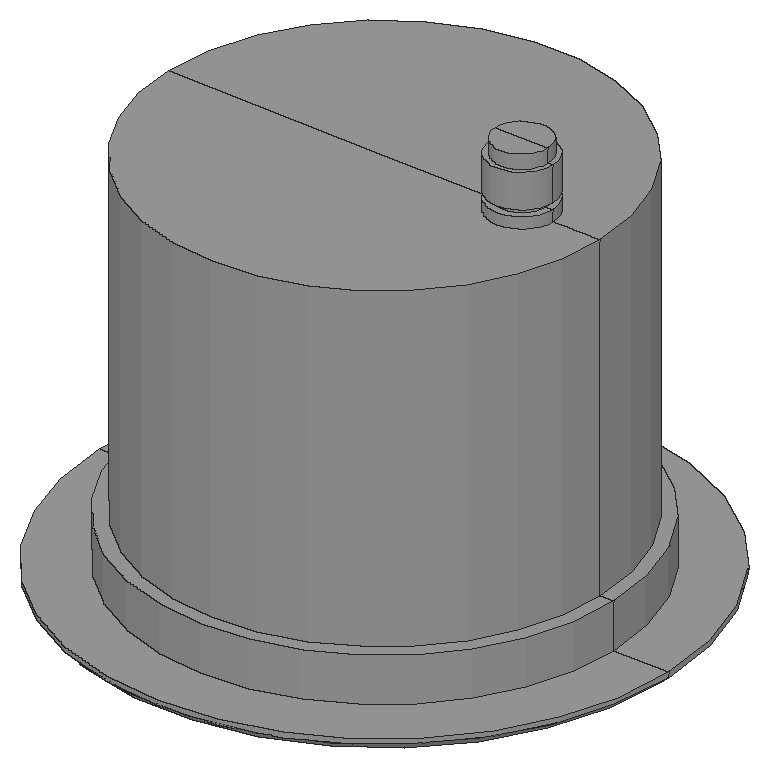
Revit family "Alcon-14078-ADJ-6-Revit-Family", category Lighting Fixtures, host Ceiling, Revit 2021
Family settings
  Host = Ceiling
  Round Connector Dimension = Use Diameter
  Part Type = Normal
  OmniClass Number = 23.80.70.11
  OmniClass Title = Luminaries for Internal Lighting
  Always vertical = Yes
  Cut with Voids When Loaded = No
  Light Source = Yes
  Shared = No
  Room Calculation Point = No
Parameters (values of type "Type 1")
  Wattage = 9.2903 W
  built-in parameter 1150110 = 1 (stored number, unit not read)
  built-in parameter 1114217 = 1 (stored number, unit not read)
  Tilt Angle = 60.00°
  built-in parameter 1150109 = 1 (stored number, unit not read)
  built-in parameter 1150134 = (empty or 0)
  built-in parameter 1150113 = 1 (stored number, unit not read)
  built-in parameter 1010507 = 1.5708 (stored number, unit not read)
  built-in parameter 1010506 = 0.5236 (stored number, unit not read)
  Product Identity = "Alcon Lighting 14078-ADJ-6"
  Manufacturer = "Alcon Light"
  Lumens = 1380 lm
  built-in parameter 1150115 = 1 (stored number, unit not read)
  built-in parameter 1150105 = 4614.1 (stored number, unit not read)
  Link To Product Page = "https://www.alconlighting.com/14078-adj-6.html"
  LightSource = light
  Light Source Symbol Length = 10' - 0"
  built-in parameter 1150137 = (empty or 0)
  built-in parameter 1150139 = (empty or 0)
  Reflector = Default metal
  Lens = Default
  built-in parameter 1150112 = 1 (stored number, unit not read)
  built-in parameter 1150114 = 1 (stored number, unit not read)
  built-in parameter 1150132 = 2
  built-in parameter 1150102 = (empty or 0)
  built-in parameter 1150138 = (empty or 0)
  built-in parameter 1150107 = 3000 (stored number, unit not read)
  built-in parameter 1150106 = 46.141 (stored number, unit not read)
  Housing = Default
  built-in parameter 1150104 = 13.8 (stored number, unit not read)
  Dimming Lamp Color Temperature Shift = <None>
  Default Elevation = 0' - 0"
  Color Filter = 16777215
  built-in parameter 1114218 = 1 (stored number, unit not read)
  built-in parameter 1150133 = 10 (stored number, unit not read)
Reference planes (in)
  plane 1 "Light Source Axis (F/B)": y = 0
  plane 2: z = 0
  plane 3 "Light Source Axis (L/R)": x = 0
  plane 4 "Ceiling": z = 157.73031
  plane 5 "Light Source Elevation": z = 159.49205
Forms (in)
  Extrusion 1, void
    sketch origin (0, 0, 157.73031) x (0, 1, 0) y (-1, 0, 0)
      loop
        circle (0, 0) r 3.625
    from -0.19498 to 1.76174
  Revolve 2, solid, material "Default" <- "Housing"
    sketch origin (-40.7589, 0, 309.32064) x (0.965926, 0, 0.258819) y (-0.258819, 0, 0.965926)
      loop
        line (-3.31956, -156.19854) -> (-2.57403, -156.39831) -> (-2.37411, -156.19839) -> (-2.25388, -155.74968) -> (-2.5411, -155.67272) -> (-2.68716, -156.21783) -> (-3.36587, -156.03598) -> (-3.38094, -156.09223) -> (-3.31956, -156.19854)
      axis (0.28168, -156.42908) -> (0.09807, -157.1143)
    angle from 0 to 360
  Revolve 3, solid, material "Default" <- "Housing"
    sketch origin (-40.0089, 0, 6.59242) x (0.965926, 0, -0.258819) y (0.258819, 0, 0.965926)
      loop
        line (0.02479, 161.26426) -> (-0.18688, 162.05423) -> (-0.50971, 161.96772) -> (-0.46529, 161.80192) -> (-0.52746, 161.78526) -> (-0.4169, 161.37263) -> (-0.32834, 161.39636) -> (-0.30765, 161.31911) -> (-0.3962, 161.29538) -> (-0.36022, 161.16109) -> (0.02479, 161.26426)
      axis (0.02479, 161.26426) -> (-0.18688, 162.05423)
    angle from 0 to 360
  Revolve 4, solid, material "Default" <- "Housing"
    sketch origin (-40.7589, 0, 6.38445) x (0.965926, 0, -0.258819) y (0.258819, 0, 0.965926)
      loop
        line (-2.60366, 156.57138) -> (-2.47843, 156.60493) -> (-2.94934, 158.36241) -> (-0.41809, 159.04066) -> (-0.99815, 161.20547) -> (-3.65464, 160.49367) -> (-2.60366, 156.57138)
      axis (0.05282, 157.28318) -> (-0.99815, 161.20547)
    angle from 0 to 360
  Extrusion 5, solid, material "Default" <- "Housing"
    sketch origin (0, 0, 157.73031) x (0, 1, 0) y (-1, 0, 0)
      loop
        circle (0, 3.22684) r 0.09229
      loop
        circle (2.15021, -2.37464) r 0.09229
      loop
        circle (-3.05775, -1.07615) r 0.09229
    from -0.19498 to -0.14504
  Revolve 6, solid, material "light" <- "LightSource"
    sketch origin (-0.58886, 0, -6.04482) x (1, 0, 0) y (0, 0, 1)
      loop
        line (0.02348, 165.58245) -> (-0.00548, 165.64611) -> (-0.27631, 165.52292) -> (-0.24735, 165.45926) -> (0.02348, 165.58245)
      axis (0.02348, 165.58245) -> (-0.00548, 165.64611)
    angle from 0 to 360
  Revolve 7, solid, material "Default" <- "Housing"
    sketch origin (-40.7589, 0, 309.32064) x (0.965926, 0, 0.258819) y (-0.258819, 0, 0.965926)
      loop
        line (-0.38697, -156.66419) -> (-0.64293, -155.12788) -> (0.04577, -155.01314) -> (0.0353, -154.95029) -> (-0.65455, -155.06523)
        arc (-0.65455, -155.06523) -> (-0.76117, -155.27241) -> (-0.77243, -155.50514) r 0.54999
        line (-0.77243, -155.50514) -> (-0.64192, -156.2885) -> (-0.69819, -156.29787) -> (-0.6304, -156.70475) -> (-0.38697, -156.66419)
      axis (0.0353, -154.95029) -> (0.30173, -156.54945)
    angle from 0 to 360
  Extrusion 8, solid
    sketch origin (0, 0, 0) x (1, 0, 0) y (0, 0, -1)
      loop
        line (0.20037, -160.11413) -> (0.20037, -158.37705)
        arc (0.20037, -158.37705) -> (-0.00365, -158.17304) -> (-0.20766, -158.37705) r 0.20402
        line (-0.20766, -158.37705) -> (-0.20766, -160.11413) -> (0.20037, -160.11413)
    from 0.97975 to 1.06322
  Revolve 9, solid, material "Default" <- "Lens"
    sketch origin (-40.69014, 0, 309.16947) x (0.965926, 0, 0.258819) y (-0.258819, 0, 0.965926)
      loop
        line (0.25239, -156.25331) -> (-0.43631, -156.36805) -> (-0.42169, -156.45579) -> (-0.07701, -156.39836) -> (-0.08254, -156.36517) -> (0.26148, -156.30785) -> (0.25239, -156.25331)
      axis (0.25239, -156.25331) -> (0.26701, -156.34104)
    angle from 0 to 360
  Extrusion 10, solid
    sketch origin (0, 0, 0) x (1, 0, 0) y (0, 0, 1)
      loop
        line (0.20041, 160.11413) -> (-0.20762, 160.11413) -> (-0.20762, 158.37702)
        arc (-0.20762, 158.37702) -> (-0.0036, 158.173) -> (0.20041, 158.37702) r 0.20402
        line (0.20041, 158.37702) -> (0.20041, 160.11413)
    from 0.97975 to 1.06322
Dimensions and locks (in)
  equal spacing: host sketch curve, plane 3 "Light Source Axis (L/R)", host sketch curve
  equal spacing: host sketch curve, plane 1 "Light Source Axis (F/B)", host sketch curve
  host sketch curve to host sketch curve = 13' - 1.48031"  (x2)
  host ceiling to plane 4 "Ceiling" = 0' - 0"
  aligned and locked: plane 1 "Light Source Axis (F/B)" to imposter light
